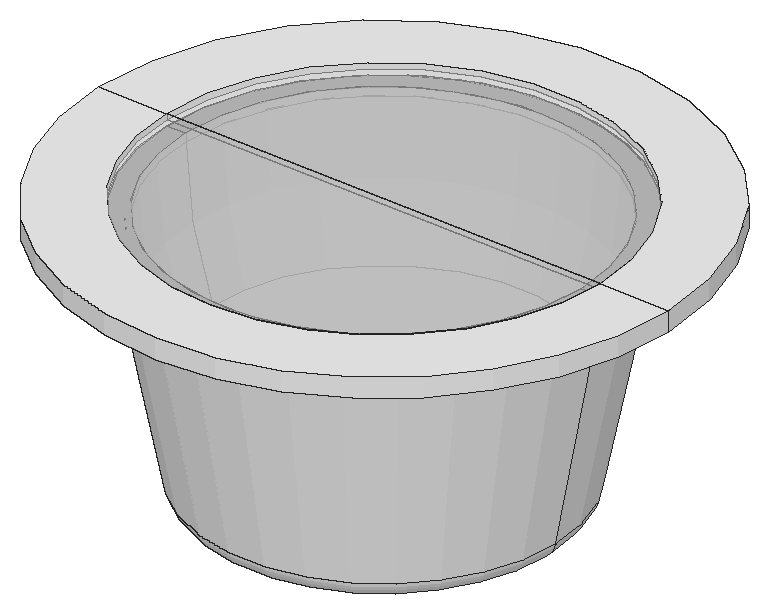
Revit family "2060572+2028034 Sylvania Lighting Fixture ASCENT 100 II ARCH 3600 3K DALI 160 with IP44 Clear Glass", category Lighting Fixtures, host Face, Revit 2016
Family settings
  Host = Face
  Part Type = Normal
  Round Connector Dimension = Use Diameter
  OmniClass Number = 23.80.70.11.17
  OmniClass Title = Specialized Lighting by Location or Use
  Cut with Voids When Loaded = No
  Light Source = Yes
  Shared = No
  Room Calculation Point = No
Parameters (values of type "2060572+2028034 ASCT100 II ARCH 3600 3K DALI 160 with IP44 Clear Glass")
  WidthBezelAcc_SYL = 25.0 mm
  Weight = "1.2 kg"
  Wattage = 30 W
  WarrantyStartDate [instance] = "n/a"
  WarrantyGuarantorParts = "n/a"
  WarrantyDurationUnit = "n/a"
  WarrantyDurationParts = "n/a"
  WarrantyDescription = "n/a"
  built-in parameter 1150110 = 1 (stored number, unit not read)
  Voltage = 0 V
  VisibilityAccessory_SYL = yes
  TypeName = "ASCENT 100 II ARCH 3600 3K DALI 160"
  built-in parameter 1114217 = 1 (stored number, unit not read)
  Tilt Angle = -90°
  built-in parameter 1150109 = 1 (stored number, unit not read)
  built-in parameter 1150134 = (empty or 0)
  built-in parameter 1150113 = 1 (stored number, unit not read)
  SerialNumber [instance] = "n/a"
  ReflectorRadius_SYL = Radius_SYL - 14.5 mm  # 80.0 mm
  RadiusAcc_SYL = 105.0 mm
  Radius_SYL = 94.5 mm
  URL = "http://www.sylvania-lighting.com"
  PowerFactor = 0
  PowerConsumption = "30 W"
  Photometric Web File = "2060572.ies"
  NominalWidth = 0.0 mm
  NominalLength = 0.0 mm
  NominalHeight = 94.0 mm
  Name = "ASCENT 100 II ARCH 3600 3K DALI 160"
  ModelReference = "ASCENT 100 II ARCH 3600 3K DALI 160"
  ModelNumber = "2060572+2028034"
  Material_4_SYL = none
  Material_3_SYL = Polycarbonate_Sylvania_Ascent_Clear
  Material_2_SYL = Aluminium_Sylvania_Ascent_Silver
  Material_1_SYL = Aluminum_Sylvania_Ascent_White
  Material = "aluminium housing, arcylic diffuser"
  ManufacturerName = "Feilo Sylvania"
  LuminousEfficacy = "118 lm/W"
  built-in parameter 1150105 = 281.7 (stored number, unit not read)
  Lumens = 3540 lm
  LuminaireType = ""
  built-in parameter 1150115 = 1 (stored number, unit not read)
  LightOutputRatio = "100"
  built-in parameter 1150137 = (empty or 0)
  built-in parameter 1150139 = (empty or 0)
  LampsType = Lamp  # "LED"
  LampNominalLuminous = "3548 lm"
  LampMacAdamStep = "3"
  LampColourTemperature = "3000 K"
  LampColourRenderingIndex = "80"
  built-in parameter 1150112 = 1 (stored number, unit not read)
  built-in parameter 1150114 = 1 (stored number, unit not read)
  Keynote = "16500"
  InstallationDate [instance] = "n/a"
  InputVoltage = "n/a"
  InputNominalFrequency = "n/a"
  built-in parameter 1150132 = (empty or 0)
  built-in parameter 1150102 = (empty or 0)
  built-in parameter 1150107 = 3000 (stored number, unit not read)
  built-in parameter 1150138 = (empty or 0)
  IngressProtection = "IP44"
  ImpactProtectionIndex = "IK02"
  built-in parameter 1150106 = 2.817 (stored number, unit not read)
  IfcExportType = "IfcLightFixtureType"
  IfcExportAs = "IfcLightFixtureType"
  Height_SYL = 94.0 mm
  HeightAcc_SYL = 7.0 mm
  ExpectedLife = 50000
  EmittionSurface_SYL = if(VisibilityAccessory_SYL, 7.0 mm, 3.0 mm)  # 7.0 mm
  Emit from Circle Diameter = DiffuserRadius_SYL * 2  # 146.0 mm
  Emit Shape Visible in Rendering = no
  ElectricShockClassification = "Class II"
  built-in parameter 1150104 = 10.963 (stored number, unit not read)
  DurationUnit = "hours"
  DocumentationLiterature = "http://www.sylvania-lighting.com/product/en-int/products/2060572"
  DimmingControlOptions = "n/a"
  Dimming Lamp Color Temperature Shift = <None>
  DiffuserRadius_SYL = ReflectorRadius_SYL - 7.0 mm  # 73.0 mm
  Diameter_SYL = 2 * Radius_SYL  # 189.0 mm
  CutoutDiameter_SYL = Diameter_SYL - 13.0 mm  # 176.0 mm
  CreatedOn = "9/17/2018"
  CreatedBy = "@sylvania-lighting.com"
  Color Filter = 16777215
  built-in parameter 1114216 [instance] = 1 (stored number, unit not read)
  Model = "ASCENT 100 II ARCH 3600 3K DALI 160"
  Manufacturer = "Feilo Sylvania"
  Lamp = "LED"
  Description = "Direct LED retro fit for original LED 100 Arch (160) single CFL lamp offering Matching lumen levels and improved light distribution of original LED 100 CFL lamp equivalents Typically half the power consumption compared to CFL Up to 112lm/W 160mm aperture Architectural reflector accepts range of glass accessories from existing LED 100 Arch 160 offering HE, HO and VHO versions equivalent of single 1 x 18W, 1 x 32W, 1 x 42W\r\n Additional VVHO versions which offer the performance circa 2 x 32W equivalent"  # constant formula
  Default Elevation = 0.0 mm
  built-in parameter 1140040 [instance] = 1
  BarCode [instance] = "n/a"
  built-in parameter 1114218 = 1 (stored number, unit not read)
  built-in parameter 1150133 = 10 (stored number, unit not read)
  AssetType = "Fixed"
  AssetIdentifier [instance] = "n/a"
  Assembly Code = "D5020200"
  Apparent Load = 30 VA
  Aperture_SYL = 2 * ReflectorRadius_SYL  # 160.0 mm
Reference planes
  plane 1 "Center (Front/Back)": y = 0
  plane 2: z = 0
  plane 3 "Center (Left/Right)": x = 0
  plane 4 "Fixture Bottom": z = 3
  plane 5: z = -52.5
  plane 6 "Fixture Top": z = -91
  plane 7: x = -105
  plane 8: z = 7
  plane 9: x = -80
  plane 10: z = 5
  plane 11: x = -103
Forms (mm)
  Extrusion 1, solid, material "Aluminum_Sylvania_Ascent_White", detail levels fine
    sketch origin (0, 0, 0) x (1, 0, 0) y (0, 1, 0)
      loop
        circle (0, 0) r 94.5
      loop
        circle (0, 0) r 80
    from 0 to 3
  Extrusion 2, void
    sketch origin (0, 0, 0) x (1, 0, 0) y (0, 1, 0)
      loop
        circle (0, 0) r 88
    from -91 to 3
  Revolve 3, solid, material "Aluminum_Sylvania_Ascent_White" <- "Material_1_SYL", detail levels fine
    sketch origin (0, 0, 0) x (1, 0, 0) y (0, 0, 1)
      loop
        line (0, -91.073) -> (0, -89.023) -> (-55.468, -89.014)
        arc (-55.468, -89.014) -> (-59.352, -87.613) -> (-61.54, -84.139) r 6.307
        line (-61.54, -84.139) -> (-77.991, -2.844) -> (-77.991, 0) -> (-80, 0) -> (-80, -3) -> (-63.5, -84.536)
        arc (-63.5, -84.536) -> (-60.643, -89.203) -> (-55.5, -91.073) r 8.291
        line (-55.5, -91.073) -> (0, -91.073)
      axis (0, 0) -> (0, -91.073)
    angle from 0 to 360
  Revolve 4, solid, material "Aluminium_Sylvania_Ascent_Silver" <- "Material_2_SYL", detail levels fine
    sketch origin (0, 0, 0) x (1, 0, 0) y (0, 0, 1)
      loop
        line (-80, 3) -> (-80, 0) -> (-75, 0)
        arc (-75, 0) -> (-72.349, -26.77) -> (-64.5, -52.5) r 136.5
        line (-64.5, -52.5) -> (-58, -52.5)
        arc (-58, -52.5) -> (-56.857, -61.521) -> (-53.5, -69.971) r 36.166
        line (-53.5, -69.971) -> (0, -69.971) -> (0, -50.5) -> (-63.16, -50.5)
        arc (-63.16, -50.5) -> (-70.517, -25.725) -> (-73, 0) r 134.5
        line (-73, 0) -> (-73, 3) -> (-80, 3)
      axis (0, 3) -> (0, -69.971)
    angle from 0 to 360
  Extrusion 5, solid, material "Polycarbonate_Sylvania_Ascent_Clear" <- "Material_3_SYL", detail levels fine
    sketch origin (0, 0, 0) x (1, 0, 0) y (0, 1, 0)
      loop
        circle (0, 0) r 73
    from 0 to 3
  Revolve 6, solid, material "Aluminum_Sylvania_Ascent_White" <- "Material_1_SYL", detail levels coarse+medium
    sketch origin (0, 0, 0) x (1, 0, 0) y (0, 0, 1)
      loop
        line (0, -91.073) -> (0, 3) -> (-94.5, 3) -> (-94.5, 0) -> (-79.5, 0) -> (-79.5, -3) -> (-63, -84.536)
        arc (-63, -84.536) -> (-60.143, -89.203) -> (-55, -91.073) r 8.291
        line (-55, -91.073) -> (0, -91.073)
      axis (0, 3) -> (0, -91.073)
    angle from 0 to 360
  Revolve 7, solid, material "Aluminum_Sylvania_Ascent_White" <- "Material_1_SYL", visible <- "VisibilityAccessory_SYL"
    sketch origin (0, 0, 0) x (1, 0, 0) y (0, 0, 1)
      loop
        line (-105, 0) -> (-103, 0) -> (-103, 5) -> (-80, 5) -> (-80, 7) -> (-105, 7) -> (-105, 0)
      axis (0, 7) -> (0, 0)
    angle from 0 to 360
  Revolve 8, solid, material "Polycarbonate_Sylvania_Ascent_Clear" <- "Material_3_SYL", visible <- "VisibilityAccessory_SYL"
    sketch origin (0, 0, 0) x (1, 0, 0) y (0, 0, 1)
      loop
        line (-80, 7) -> (-80, 5) -> (0, 5) -> (0, 7) -> (-80, 7)
      axis (0, 7) -> (0, 5)
    angle from 0 to 360
Lines and regions (mm)
  reference lines
    curve 1: line (-150, 0, 7) -> (125, 0, 7)
Dimensions and locks
  locked: plane 4 "Fixture Bottom" to plane 2 at 3
  "Height_SYL": plane 4 "Fixture Bottom" to plane 6 "Fixture Top"
  "ReflectorRadius_SYL": plane 3 "Center (Left/Right)" to Revolve 4 sketch curve
  locked: Revolve 4 sketch curve to Revolve 4 sketch curve at 15.5
  locked: Revolve 4 sketch curve to Revolve 4 sketch curve at 5
  locked: Revolve 4 sketch curve to Revolve 4 sketch curve at 7
  locked: Revolve 4 sketch curve to Revolve 4 sketch curve at 22
  locked: Revolve 4 sketch curve to Revolve 4 sketch curve at 26.5
  locked: Revolve 3 sketch curve to Revolve 3 sketch curve at 16.5
  locked: Revolve 3 sketch curve to Revolve 3 sketch curve at 24.5
  "ReflectorRadius_SYL": Revolve 3 sketch curve to plane 3 "Center (Left/Right)"
  locked: Revolve 3 sketch curve to plane 6 "Fixture Top" at 6.464
  locked: plane 2 to Revolve 3 sketch curve at 3
  locked: Revolve 3 sketch curve to Revolve 3 sketch curve at 2
  locked: Revolve 3 sketch curve to Revolve 3 sketch curve at 2.009
  locked: plane 2 to plane 5 at 52.5
  locked: Revolve 6 sketch curve to Revolve 6 sketch curve at 31.5
  locked: Revolve 6 sketch curve to Revolve 6 sketch curve at 39.5
  locked: Revolve 6 sketch curve to Revolve 6 sketch curve at 15
  "Radius_SYL": plane 3 "Center (Left/Right)" to Revolve 6 sketch curve
  "RadiusAcc_SYL": plane 3 "Center (Left/Right)" to plane 7
  "HeightAcc_SYL": plane 8 to level
  "WidthBezelAcc_SYL": plane 7 to plane 9
  locked: plane 7 to plane 11 at 2
  locked: plane 8 to plane 10 at 2
  "EmittionSurface_SYL": curve 1 to level
  "CutoutDiameter_SYL": diameter of Extrusion 2 sketch curve
  "ReflectorRadius_SYL": radius of Extrusion 1 sketch curve
  "DiffuserRadius_SYL": radius of Extrusion 5 sketch curve
  "Radius_SYL": radius of Extrusion 1 sketch curve
  aligned and locked: host face to plane 2
  aligned and locked: host face to level
  aligned and locked: plane 4 "Fixture Bottom" to Extrusion 1
  aligned and locked: Extrusion 1 to plane 2
  aligned and locked: Revolve 3 sketch curve to plane 3 "Center (Left/Right)"
  aligned and locked: Revolve 4 sketch curve to plane 3 "Center (Left/Right)"  (x2)
  aligned and locked: plane 4 "Fixture Bottom" to Revolve 4 sketch curve
  aligned and locked: Extrusion 5 to plane 2
  aligned and locked: plane 2 to Revolve 3 sketch curve  (x2)
  aligned and locked: Revolve 6 sketch curve to plane 3 "Center (Left/Right)"
  aligned and locked: plane 6 "Fixture Top" to Extrusion 2
  aligned and locked: Revolve 7 sketch curve to plane 3 "Center (Left/Right)"
  aligned and locked: host face to Revolve 7 sketch curve  (x2)
  aligned and locked: Revolve 7 sketch curve to plane 7
  aligned and locked: plane 8 to Revolve 7 sketch curve
  aligned and locked: plane 9 to Revolve 7 sketch curve
  aligned and locked: Revolve 7 sketch curve to plane 10
  aligned and locked: plane 11 to Revolve 7 sketch curve
  aligned and locked: Revolve 7 to Revolve 8 sketch curve
  aligned and locked: Revolve 8 sketch curve to Revolve 7  (x2)
  aligned and locked: Revolve 8 sketch curve to plane 3 "Center (Left/Right)"  (x2)
  aligned and locked: plane 3 "Center (Left/Right)" to imposter light
  aligned and locked: imposter light to plane 1 "Center (Front/Back)"
  aligned and locked: imposter light to curve 1
Automatic sketch dimensions
  plane 1 "Center (Front/Back)" to Extrusion 2 sketch curve = 0.0 mm
  Extrusion 2 sketch curve to plane 3 "Center (Left/Right)" = 0.0 mm
  Extrusion 1 sketch curve to Extrusion 1 sketch curve = 0.0 mm  (x2)
  plane 1 "Center (Front/Back)" to Extrusion 1 sketch curve = 0.0 mm
  Extrusion 1 sketch curve to plane 3 "Center (Left/Right)" = 0.0 mm
  plane 6 "Fixture Top" to Revolve 3 sketch curve = 0.073 mm
  Revolve 3 sketch curve to plane 6 "Fixture Top" = 6.861 mm
  Revolve 3 sketch curve to Revolve 3 sketch curve = 0.003 mm
  Revolve 3 sketch curve to Revolve 3 sketch curve = 0.009 mm  (x2)
  Revolve 3 sketch curve to Revolve 3 sketch curve = 0.023 mm
  Revolve 3 sketch curve to Revolve 3 sketch curve = 0.072 mm
  Revolve 3 sketch curve to Revolve 3 sketch curve = 0.008 mm
  Revolve 3 sketch curve to plane 6 "Fixture Top" = 1.977 mm
  Revolve 3 sketch curve to Revolve 3 sketch curve = 33.496 mm
  Revolve 3 sketch curve to Revolve 3 sketch curve = 0.028 mm
  plane 4 "Fixture Bottom" to Revolve 3 sketch curve = 82.431 mm
  Revolve 4 sketch curve to Revolve 4 sketch curve = 0.0 mm  (x2)
  Revolve 4 sketch curve to plane 5 = 0.0 mm
  Revolve 4 sketch curve to level = 0.0 mm
  plane 5 to Revolve 4 sketch curve = 2.0 mm
  plane 4 "Fixture Bottom" to Revolve 4 sketch curve = 9.642 mm
  plane 1 "Center (Front/Back)" to Extrusion 5 sketch curve = 0.0 mm
  Extrusion 5 sketch curve to plane 3 "Center (Left/Right)" = 0.0 mm
  Revolve 4 sketch curve to level = 69.971 mm
  Revolve 4 sketch curve to Revolve 4 sketch curve = 2.387 mm
  Revolve 6 sketch curve to level = 0.0 mm
  Revolve 6 sketch curve to plane 3 "Center (Left/Right)" = 0.0 mm
  Revolve 6 sketch curve to Revolve 6 sketch curve = 8.104 mm
  Revolve 6 sketch curve to level = 3.0 mm
  Revolve 6 sketch curve to plane 6 "Fixture Top" = 6.464 mm
  plane 6 "Fixture Top" to Revolve 6 sketch curve = 0.073 mm
  Revolve 6 sketch curve to Revolve 6 sketch curve = 33.496 mm
  plane 4 "Fixture Bottom" to Revolve 6 sketch curve = 82.431 mm
  host sketch curve to host sketch curve = 1704.996 mm
  host sketch curve to host sketch curve = 1500.0 mm
  plane 6 "Fixture Top" to Revolve 7 sketch curve = 281.274 mm
  Revolve 7 sketch curve to plane 8 = 1140.706 mm
  plane 6 "Fixture Top" to Revolve 8 sketch curve = 281.274 mm
  Revolve 8 sketch curve to Revolve 8 sketch curve = 1140.706 mm
  Revolve 3 sketch curve to plane 3 "Center (Left/Right)" = 0.0 mm
  Revolve 6 sketch curve to plane 4 "Fixture Bottom" = 0.0 mm
  plane 7 to curve 1 = 45.0 mm
  plane 3 "Center (Left/Right)" to curve 1 = 125.0 mm
Connectors
  electrical at (0, 0, -91.073), driven by "Apparent Load"
    settings: on Revolve 3, index 1, voltage 240 V, apparent load 0 VA, apparent load phase1 30 VA, apparent load phase2 0 VA, apparent load phase3 0 VA, power factor 1, load classification "Lighting", number of poles 1, system type 31, power factor state 1, is connector primary yes, connector utility no, sub classification motor no, connector description ""
